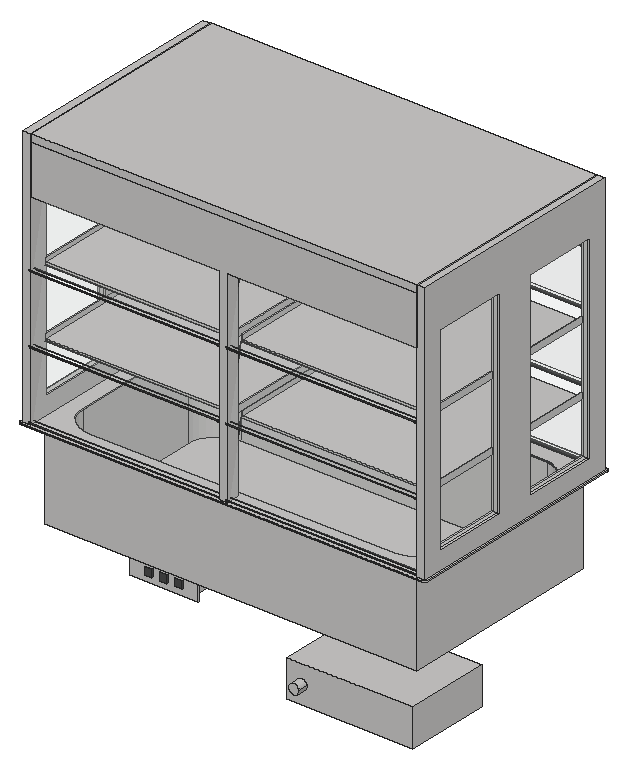
Revit family "QF_ELECTROLUXPROFESSIONAL_341077_D19C3", category Specialty Equipment, Revit 2018
Family settings
  Round Connector Dimension = Use Diameter
  Part Type = Normal
  Work Plane-Based = No
  Always vertical = Yes
  Cut with Voids When Loaded = No
  Shared = No
  Room Calculation Point = No
Parameters (values of type "341077.rfa")
  Weight = 170.00 kg
  Watts = 0 W
  Volts = 0 V
  URL Manufacturer = ""
  URL = ""
  Steam Supply Size = 0 mm
  Steam Supply Minimum Pressure = 0.0 Pa
  Steam Supply Maximum Pressure = 0.0 Pa
  Steam Pounds per Hour = 0
  Show Clearance [instance] = yes
  Remote Electrical Box_Z [instance] = 500.00 mm
  Remote Electrical Box_Y [instance] = 500.00 mm
  Remote Electrical Box_X [instance] = 800.00 mm
  Refrigeration Suction Line Size = 0 mm
  Refrigeration Liquid Line Size = 0 mm
  Refrigerant Compressor Remote = yes
  Manufacturer = ""
  Phase = 0
  Model = ""
  Length Actual = 1100.00 mm  # constant formula
  Item Number = ""
  Hot Water Size = 0 mm
  Height Actual = 1230.00 mm  # constant formula
  HP = "0 HP"
  Gas Size = 0 mm
  Gas KW = 0
  Gas Input Pressure = 0 W
  Direct Waste Size = 25.4 mm
  Description = ""
  Depth Actual = 620.00 mm  # constant formula
  Cycle = 0 Hz
  Controller_Y [instance] = 500.00 mm
  Controller_1Z [instance] = 600.00 mm
  Controller_1X [instance] = 300.00 mm
  Condensate Return Size = 0 mm
  Compressed Air Volume = 0.0 L/s
  Compressed Air Size = 0 mm
  Compressed Air Pressure = 0.0 Pa
  Cold Water Size = 0 mm
  Accessory = yes
Types (2, lengths in mm): name | Volts | URL Manufacturer | URL | Manufacturer | Phase | Model | Item Number | Description | Cycle
  341077.rfa | 0 V | "" | "" | "" | 0 | "" | "" | "" | 0 Hz
  Standard | 220 V | "http://professional.electrolux.com" | "http://professional.electrolux.com" | "Electrolux Professional" | 1 | "D19C3" | "341077" | "DROP-IN REFRIGERATED WELL WITH REFRIGERATED DISPLAY, COMPACT 3GN" | 50 Hz
Reference planes
  plane 1 "Centro (Fronte/Retro)": y = 74.737
  plane 2: z = 0
  plane 3 "BACK": y = 384.737
  plane 4 "FRONT": y = -235.263
  plane 5 "RIGHT": x = 35.731
  plane 6 "LEFT": x = -1064.269
  plane 7: x = -514.269
  plane 8 "TOP": z = 900
  plane 9: y = 354.737
  plane 10: y = -205.263
  plane 11: x = -11.469
  plane 12: x = -1017.069
  plane 13: y = 329.737
  plane 14: y = -180.263
  plane 15: x = -994.269
  plane 16: x = -34.269
  plane 17: z = 898
  plane 18: z = 657
  plane 19: z = 660
  plane 20: x = -354.269
  plane 21: y = 349.537
  plane 22: y = -200.063
  plane 23: x = -923.269
  plane 24: x = -105.269
  plane 25: x = -350.269
  plane 26 "2": y = 250.737
  plane 27: y = -195.263
  plane 28: y = 344.737
  plane 29: y = -115.263
  plane 30: y = -115.263
  plane 31: x = -764.269
  plane 32: x = -264.269
  plane 33: z = 600
  plane 34: z = 500
Forms (mm)
  Extrusion 1, solid, material "QF_Finishes_Stainless Steel"
    sketch origin (0, 0, 900) x (-1, 0, 0) y (0, -1, 0)
      loop
        line (11.469, -354.737) -> (1017.069, -354.737) -> (1017.069, 205.263) -> (11.469, 205.263) -> (11.469, -354.737)
    from -2 to -243
  Extrusion 2, void
    sketch origin (0, 0, 900) x (-1, 0, 0) y (0, -1, 0)
      loop
        line (994.269, -250.387) -> (994.269, 104.913)
        arc (994.269, 104.913) -> (972.199, 158.193) -> (918.919, 180.263) r 75.35
        line (918.919, 180.263) -> (90.269, 180.263)
        arc (90.269, 180.263) -> (50.671, 163.861) -> (34.269, 124.263) r 56
        line (34.269, 124.263) -> (34.269, -273.737)
        arc (34.269, -273.737) -> (50.671, -313.335) -> (90.269, -329.737) r 56
        line (90.269, -329.737) -> (914.919, -329.737)
        arc (914.919, -329.737) -> (971.028, -306.496) -> (994.269, -250.387) r 79.35
    from 0 to -240
  Extrusion 3, solid, material "QF_Finishes_Stainless Steel"
    sketch origin (0, 0, 900) x (-1, 0, 0) y (0, -1, 0)
      loop
        arc (1054.269, -384.737) -> (1061.34, -381.808) -> (1064.269, -374.737) r 10
        line (1064.269, -374.737) -> (1064.269, 225.263)
        arc (1064.269, 225.263) -> (1061.34, 232.334) -> (1054.269, 235.263) r 10
        line (1054.269, 235.263) -> (-25.731, 235.263)
        arc (-25.731, 235.263) -> (-32.802, 232.334) -> (-35.731, 225.263) r 10
        line (-35.731, 225.263) -> (-35.731, -374.737)
        arc (-35.731, -374.737) -> (-32.802, -381.808) -> (-25.731, -384.737) r 10
        line (-25.731, -384.737) -> (1054.269, -384.737)
      loop
        arc (918.919, -329.737) -> (972.199, -307.668) -> (994.269, -254.387) r 75.35
        line (994.269, -254.387) -> (994.269, 104.913)
        arc (994.269, 104.913) -> (972.199, 158.193) -> (918.919, 180.263) r 75.35
        line (918.919, 180.263) -> (90.269, 180.263)
        arc (90.269, 180.263) -> (50.671, 163.861) -> (34.269, 124.263) r 56
        line (34.269, 124.263) -> (34.269, -273.737)
        arc (34.269, -273.737) -> (50.671, -313.335) -> (90.269, -329.737) r 56
        line (90.269, -329.737) -> (918.919, -329.737)
    from 0 to -2
  Extrusion 4, solid, material "QF_Finishes_Stainless Steel"
    sketch origin (396.731, 362.737, 0) x (0, -1, 0) y (0, 0, -1)
      loop
        line (591.5, -1605) -> (591.5, -900) -> (-15.5, -900) -> (-15.5, -1605) -> (591.5, -1605)
      loop
        line (541.5, -1482.5) -> (541.5, -948) -> (338, -948) -> (338, -1482.5) -> (541.5, -1482.5)
      loop
        line (34.5, -948) -> (34.5, -1482.5) -> (238, -1482.5) -> (238, -948) -> (34.5, -948)
    from -389.5 to -369.5
  Extrusion 5, solid, material "QF_Finishes_Stainless Steel"
    sketch origin (-1425.269, 362.737, 0) x (0, -1, 0) y (0, 0, 1)
      loop
        line (591.5, 1605) -> (-15.5, 1605) -> (-15.5, 900) -> (591.5, 900) -> (591.5, 1605)
      loop
        line (541.5, 1482.5) -> (338, 1482.5) -> (338, 948) -> (541.5, 948) -> (541.5, 1482.5)
      loop
        line (34.5, 948) -> (238, 948) -> (238, 1482.5) -> (34.5, 1482.5) -> (34.5, 948)
    from -389.5 to -369.5
  Extrusion 6, solid, material "QF_Finishes_Stainless Steel"
    sketch origin (396.731, -231.263, 456) x (0, 0, 1) y (-1, 0, 0)
      loop
        line (1129.617, 1432.5) -> (996.5, 1432.5) -> (996.5, 389.5) -> (1129.617, 389.5) -> (1129.617, 1432.5)
    from -2.5 to -26
  Extrusion 7, solid, material "QF_Finishes_Stainless Steel"
    sketch origin (396.731, 380.737, 456) x (0, 0, 1) y (1, 0, 0)
      loop
        line (1129.617, -1432.5) -> (1129.617, -389.5) -> (996.5, -389.5) -> (996.5, -1432.5) -> (1129.617, -1432.5)
    from -2.5 to -26
  Extrusion 8, solid, material "QF_Finishes_Stainless Steel"
    sketch origin (396.731, -228.763, 1605) x (0, 1, 0) y (-1, 0, 0)
      loop
        line (0, 389.5) -> (607, 389.5) -> (607, 1432.5) -> (0, 1432.5) -> (0, 389.5)
    from 0 to -19.383
  Extrusion 9, solid, material "QF_Finishes_Stainless Steel"
    sketch origin (396.731, -231.263, 456) x (0, 0, 1) y (-1, 0, 0)
      loop
        line (812.34, 1432.5) -> (792.34, 1432.5) -> (792.34, 389.5) -> (812.34, 389.5) -> (812.34, 1432.5)
    from -326 to -286
  Extrusion 10, solid, material "QF_Finishes_Stainless Steel"
    sketch origin (396.731, -231.263, 271.84) x (0, 0, 1) y (-1, 0, 0)
      loop
        line (812.34, 1432.5) -> (792.34, 1432.5) -> (792.34, 389.5) -> (812.34, 389.5) -> (812.34, 1432.5)
    from -326 to -286
  Extrusion 11, solid, material "QF_Finishes_Glass"
    sketch origin (27.231, 362.737, 0) x (0, -1, 0) y (0, 0, -1)
      loop
        line (598, -907.281) -> (593, -902.281)
        arc (593, -902.281) -> (585.39, -900.348) -> (580.06, -906.114) r 7.678
        line (580.06, -906.114) -> (542.211, -1084.18) -> (545.278, -1084.18) -> (582.994, -906.737)
        arc (582.994, -906.737) -> (586.242, -903.224) -> (590.878, -904.402) r 4.678
        line (590.878, -904.402) -> (595.879, -909.402) -> (598, -907.281)
    from -531.5 to -20
  Extrusion 12, solid, material "QF_Finishes_Glass"
    sketch origin (27.231, 362.737, 184.148) x (0, -1, 0) y (0, 0, -1)
      loop
        line (598, -907.281) -> (593, -902.281)
        arc (593, -902.281) -> (585.39, -900.348) -> (580.06, -906.114) r 7.678
        line (580.06, -906.114) -> (542.211, -1084.18) -> (545.278, -1084.18) -> (582.994, -906.737)
        arc (582.994, -906.737) -> (586.242, -903.224) -> (590.878, -904.402) r 4.678
        line (590.878, -904.402) -> (595.879, -909.402) -> (598, -907.281)
    from -531.5 to -20
  Extrusion 13, solid, material "QF_Finishes_Glass"
    sketch origin (27.231, 362.737, 368.308) x (0, -1, 0) y (0, 0, -1)
      loop
        line (598, -907.281) -> (593, -902.281)
        arc (593, -902.281) -> (585.39, -900.348) -> (580.06, -906.114) r 7.678
        line (580.06, -906.114) -> (542.211, -1084.18) -> (545.278, -1084.18) -> (582.994, -906.737)
        arc (582.994, -906.737) -> (586.242, -903.224) -> (590.878, -904.402) r 4.678
        line (590.878, -904.402) -> (595.879, -909.402) -> (598, -907.281)
    from -531.5 to -20
  Extrusion 14, solid, material "QF_Finishes_Glass"
    sketch origin (27.231, -213.263, 0) x (0, 1, 0) y (0, 0, 1)
      loop
        line (598, 907.281) -> (595.879, 909.402) -> (590.878, 904.402)
        arc (590.878, 904.402) -> (586.242, 903.224) -> (582.994, 906.737) r 4.678
        line (582.994, 906.737) -> (545.278, 1084.18) -> (542.211, 1084.18) -> (580.06, 906.114)
        arc (580.06, 906.114) -> (585.39, 900.348) -> (593, 902.281) r 7.678
        line (593, 902.281) -> (598, 907.281)
    from -531.5 to -20
  Extrusion 15, solid, material "QF_Finishes_Glass"
    sketch origin (27.231, -213.263, 184.148) x (0, 1, 0) y (0, 0, 1)
      loop
        line (598, 907.281) -> (595.879, 909.402) -> (590.878, 904.402)
        arc (590.878, 904.402) -> (586.242, 903.224) -> (582.994, 906.737) r 4.678
        line (582.994, 906.737) -> (545.278, 1084.18) -> (542.211, 1084.18) -> (580.06, 906.114)
        arc (580.06, 906.114) -> (585.39, 900.348) -> (593, 902.281) r 7.678
        line (593, 902.281) -> (598, 907.281)
    from -531.5 to -20
  Extrusion 16, solid, material "QF_Finishes_Glass"
    sketch origin (27.231, -213.263, 368.308) x (0, 1, 0) y (0, 0, 1)
      loop
        line (598, 909.781) -> (595.879, 911.902) -> (590.878, 906.902)
        arc (590.878, 906.902) -> (586.242, 905.724) -> (582.994, 909.237) r 4.678
        line (582.994, 909.237) -> (545.278, 1084.18) -> (542.211, 1084.18) -> (580.06, 908.614)
        arc (580.06, 908.614) -> (585.39, 902.848) -> (593, 904.781) r 7.678
        line (593, 904.781) -> (598, 909.781)
    from -531.5 to -20
  Extrusion 17, solid, material "QF_Finishes_Stainless Steel"
    sketch origin (0, -6.5, 900) x (-1, 0, 0) y (0, -1, 0)
      loop
        line (524.269, -384.737) -> (524.269, -349.537) -> (504.269, -349.537) -> (504.269, -384.737) -> (524.269, -384.737)
    from 0 to 683.117
  Extrusion 18, solid, material "QF_Finishes_Glass"
    sketch origin (-1055.769, 362.737, 0) x (0, -1, 0) y (0, 0, 1)
      loop
        line (598, 907.281) -> (595.879, 909.402) -> (590.878, 904.402)
        arc (590.878, 904.402) -> (586.242, 903.224) -> (582.994, 906.737) r 4.678
        line (582.994, 906.737) -> (545.278, 1084.18) -> (542.211, 1084.18) -> (580.06, 906.114)
        arc (580.06, 906.114) -> (585.39, 900.348) -> (593, 902.281) r 7.678
        line (593, 902.281) -> (598, 907.281)
    from -531.5 to -20
  Extrusion 19, solid, material "QF_Finishes_Glass"
    sketch origin (-1055.769, 362.737, 184.148) x (0, -1, 0) y (0, 0, 1)
      loop
        line (598, 907.281) -> (595.879, 909.402) -> (590.878, 904.402)
        arc (590.878, 904.402) -> (586.242, 903.224) -> (582.994, 906.737) r 4.678
        line (582.994, 906.737) -> (545.278, 1084.18) -> (542.211, 1084.18) -> (580.06, 906.114)
        arc (580.06, 906.114) -> (585.39, 900.348) -> (593, 902.281) r 7.678
        line (593, 902.281) -> (598, 907.281)
    from -531.5 to -20
  Extrusion 20, solid, material "QF_Finishes_Glass"
    sketch origin (-1055.769, 362.737, 368.308) x (0, -1, 0) y (0, 0, 1)
      loop
        line (598, 907.281) -> (595.879, 909.402) -> (590.878, 904.402)
        arc (590.878, 904.402) -> (586.242, 903.224) -> (582.994, 906.737) r 4.678
        line (582.994, 906.737) -> (545.278, 1084.18) -> (542.211, 1084.18) -> (580.06, 906.114)
        arc (580.06, 906.114) -> (585.39, 900.348) -> (593, 902.281) r 7.678
        line (593, 902.281) -> (598, 907.281)
    from -531.5 to -20
  Extrusion 21, solid, material "QF_Finishes_Glass"
    sketch origin (-1055.769, -213.263, 0) x (0, 1, 0) y (0, 0, -1)
      loop
        line (598, -907.281) -> (593, -902.281)
        arc (593, -902.281) -> (585.39, -900.348) -> (580.06, -906.114) r 7.678
        line (580.06, -906.114) -> (542.211, -1084.18) -> (545.278, -1084.18) -> (582.994, -906.737)
        arc (582.994, -906.737) -> (586.242, -903.224) -> (590.878, -904.402) r 4.678
        line (590.878, -904.402) -> (595.879, -909.402) -> (598, -907.281)
    from -541.5 to -20
  Extrusion 22, solid, material "QF_Finishes_Glass"
    sketch origin (-1055.769, -213.263, 184.148) x (0, 1, 0) y (0, 0, -1)
      loop
        line (598, -907.281) -> (593, -902.281)
        arc (593, -902.281) -> (585.39, -900.348) -> (580.06, -906.114) r 7.678
        line (580.06, -906.114) -> (542.211, -1084.18) -> (545.278, -1084.18) -> (582.994, -906.737)
        arc (582.994, -906.737) -> (586.242, -903.224) -> (590.878, -904.402) r 4.678
        line (590.878, -904.402) -> (595.879, -909.402) -> (598, -907.281)
    from -531.5 to -20
  Extrusion 23, solid, material "QF_Finishes_Glass"
    sketch origin (-1055.769, -213.263, 368.308) x (0, 1, 0) y (0, 0, -1)
      loop
        line (598, -907.281) -> (593, -902.281)
        arc (593, -902.281) -> (585.39, -900.348) -> (580.06, -906.114) r 7.678
        line (580.06, -906.114) -> (542.211, -1084.18) -> (545.278, -1084.18) -> (582.994, -906.737)
        arc (582.994, -906.737) -> (586.242, -903.224) -> (590.878, -904.402) r 4.678
        line (590.878, -904.402) -> (595.879, -909.402) -> (598, -907.281)
    from -531.5 to -20
  Extrusion 24, solid, material "QF_Finishes_Stainless Steel"
    sketch origin (0, 155.974, 900) x (-1, 0, 0) y (0, -1, 0)
      loop
        line (524.269, 384.737) -> (504.269, 384.737) -> (504.269, 349.537) -> (524.269, 349.537) -> (524.269, 384.737)
    from 0 to 683.117
  Extrusion 25, solid, material "QF_Finishes_Stainless Steel"
    sketch origin (70, -14, 656.4) x (0, -1, 0) y (-1, 0, 0)
      loop
        circle (-264.737, 420.269) r 18
    from -0.6 to 12
  Extrusion 26, solid, material "QF_Finishes_Glass"
    sketch origin (-1050.769, 362.737, 0) x (0, -1, 0) y (0, 0, 1)
      loop
        line (541.5, 1482.5) -> (338, 1482.5) -> (338, 948) -> (541.5, 948) -> (541.5, 1482.5)
      loop
        line (238, 1482.5) -> (34.5, 1482.5) -> (34.5, 948) -> (238, 948) -> (238, 1482.5)
    from 0 to -10
  Extrusion 27, solid, material "QF_Finishes_Glass"
    sketch origin (22.231, 362.737, 0) x (0, -1, 0) y (0, 0, -1)
      loop
        line (541.5, -1482.5) -> (541.5, -948) -> (338, -948) -> (338, -1482.5) -> (541.5, -1482.5)
      loop
        line (238, -1482.5) -> (238, -948) -> (34.5, -948) -> (34.5, -1482.5) -> (238, -1482.5)
    from 0 to -10
  Extrusion 28, solid, material "QF_Finishes_Stainless Steel"
    sketch origin (-1386.256, -231.263, 456) x (0, 0, 1) y (-1, 0, 0)
      loop
        line (812.34, -350.488) -> (812.34, -861.988) -> (829.184, -861.988) -> (829.184, -859.5) -> (817.34, -859.5) -> (817.34, -352.981) -> (829.172, -352.981) -> (829.172, -350.488) -> (812.34, -350.488)
    from -561 to -51
  Extrusion 29, solid, material "QF_Finishes_Stainless Steel"
    sketch origin (-1386.256, -231.263, 271.852) x (0, 0, 1) y (-1, 0, 0)
      loop
        line (812.34, -350.488) -> (812.34, -861.988) -> (829.184, -861.988) -> (829.184, -859.5) -> (817.34, -859.5) -> (817.34, -352.981) -> (829.172, -352.981) -> (829.172, -350.488) -> (812.34, -350.488)
    from -561 to -51
  Extrusion 30, solid, material "QF_Finishes_Stainless Steel"
    sketch origin (357.719, -231.263, 456) x (0, 0, 1) y (-1, 0, 0)
      loop
        line (812.34, 350.488) -> (829.172, 350.488) -> (829.172, 352.981) -> (817.34, 352.981) -> (817.34, 859.5) -> (829.184, 859.5) -> (829.184, 861.988) -> (812.34, 861.988) -> (812.34, 350.488)
    from -561 to -51
  Extrusion 31, solid, material "QF_Finishes_Stainless Steel"
    sketch origin (357.719, -231.263, 271.852) x (0, 0, 1) y (-1, 0, 0)
      loop
        line (812.34, 350.488) -> (829.172, 350.488) -> (829.172, 352.981) -> (817.34, 352.981) -> (817.34, 859.5) -> (829.184, 859.5) -> (829.184, 861.988) -> (812.34, 861.988) -> (812.34, 350.488)
    from -561 to -51
Cuts and joins
  Extrusion 2 cuts Extrusion 1
  joined: Extrusion 6, Extrusion 24
  joined: Extrusion 7, Extrusion 17
Lines and regions (mm)
  symbolic lines
    curve 1: line (25.731, 384.737, 900) -> (-1054.269, 384.737, 900)
    curve 2: arc (-1054.269, 384.737, 900) -> (-1061.34, 381.808, 900) -> (-1064.269, 374.737, 900) r 10
    curve 3: line (-1064.269, 374.737, 900) -> (-1064.269, -225.263, 900)
    curve 4: arc (-1064.269, -225.263, 900) -> (-1061.34, -232.334, 900) -> (-1054.269, -235.263, 900) r 10
    curve 5: line (-1054.269, -235.263, 900) -> (25.731, -235.263, 900)
    curve 6: arc (25.731, -235.263, 900) -> (32.802, -232.334, 900) -> (35.731, -225.263, 900) r 10
    curve 7: line (35.731, -225.263, 900) -> (35.731, 374.737, 900)
    curve 8: arc (35.731, 374.737, 900) -> (32.802, 381.808, 900) -> (25.731, 384.737, 900) r 10
    curve 9: line (-1055.769, 378.237, 900) -> (-1035.769, 378.237, 900)
    curve 10: line (-1055.769, -228.763, 900) -> (-1055.769, 378.237, 900)
    curve 11: line (-1035.769, -228.763, 900) -> (-1055.769, -228.763, 900)
    curve 12: line (-1035.769, 378.237, 900) -> (-1035.769, -228.763, 900)
    curve 13: line (-1035.769, -228.763, 900) -> (27.231, -228.763, 900)
    curve 14: line (7.231, -228.763, 900) -> (7.231, 378.237, 900)
    curve 15: line (-1035.769, 378.237, 900) -> (27.231, 378.237, 900)
    curve 16: line (27.231, 378.237, 900) -> (27.231, -228.763, 900)
    curve 17: line (-1035.769, 378.237, 900) -> (-1035.769, 384.737, 900)
    curve 18: line (-1035.769, 382.616, 900) -> (-524.269, 382.616, 900)
    curve 19: line (-524.269, 384.737, 900) -> (-524.269, 378.237, 900)
    curve 20: line (-504.269, 378.237, 900) -> (-504.269, 384.737, 900)
    curve 21: line (-504.269, 382.616, 900) -> (7.231, 382.616, 900)
    curve 22: line (7.231, 384.737, 900) -> (7.231, 378.237, 900)
    curve 23: line (-1035.769, -228.763, 900) -> (-1035.769, -235.263, 900)
    curve 24: line (-1035.769, -233.142, 900) -> (-524.269, -233.142, 900)
    curve 25: line (-524.269, -235.263, 900) -> (-524.269, -228.763, 900)
    curve 26: line (-504.269, -228.763, 900) -> (-504.269, -235.263, 900)
    curve 27: line (-504.269, -233.142, 900) -> (7.231, -233.142, 900)
    curve 28: line (7.231, -235.263, 900) -> (7.231, -228.763, 900)
  symbolic lines, style "SpecialityEquipmentHiddenLines"
    curve 29: line (7.231, 328.237, 900) -> (27.231, 328.237, 900)
    curve 30: line (22.231, -178.763, 900) -> (22.231, 24.737, 900)
    curve 31: line (12.231, 24.737, 900) -> (12.231, -178.763, 900)
    curve 32: line (27.231, 124.737, 900) -> (7.231, 124.737, 900)
    curve 33: line (7.231, 24.737, 900) -> (27.231, 24.737, 900)
    curve 34: line (22.231, 124.737, 900) -> (22.231, 328.237, 900)
    curve 35: line (12.231, 328.237, 900) -> (12.231, 124.737, 900)
    curve 36: line (7.231, -178.763, 0) -> (27.231, -178.763, 0)
    curve 37: line (-1035.769, 328.237, 900) -> (-1055.769, 328.237, 900)
    curve 38: line (-1050.769, -178.763, 900) -> (-1050.769, 24.737, 900)
    curve 39: line (-1040.769, 24.737, 900) -> (-1040.769, -178.763, 900)
    curve 40: line (-1055.769, 124.737, 900) -> (-1035.769, 124.737, 900)
    curve 41: line (-1035.769, 24.737, 900) -> (-1055.769, 24.737, 900)
    curve 42: line (-1050.769, 124.737, 900) -> (-1050.769, 328.237, 900)
    curve 43: line (-1040.769, 328.237, 900) -> (-1040.769, 124.737, 900)
    curve 44: line (-1035.769, -178.763, 0) -> (-1055.769, -178.763, 0)
    curve 45: line (-1035.769, -182.541, 900) -> (-524.269, -182.541, 900)
    curve 46: line (-1035.769, -179.474, 900) -> (-524.269, -179.474, 900)
    curve 47: line (7.231, 332.015, 900) -> (-504.269, 332.015, 900)
    curve 48: line (7.231, 328.948, 900) -> (-504.269, 328.948, 900)
    curve 49: line (-11.469, -205.263, 900) -> (-11.469, 354.737, 900)
    curve 50: line (-1017.069, -205.263, 900) -> (-11.469, -205.263, 900)
    curve 51: line (-1017.069, 354.737, 900) -> (-1017.069, -205.263, 900)
    curve 52: line (-11.469, 354.737, 900) -> (-1017.069, 354.737, 900)
    curve 53: line (-524.269, -193.563, 900) -> (-524.269, -228.763, 900)
    curve 54: line (-524.269, -228.763, 900) -> (-504.269, -228.763, 900)
    curve 55: line (-504.269, -228.763, 900) -> (-504.269, -193.563, 900)
    curve 56: line (-504.269, -193.563, 900) -> (-524.269, -193.563, 900)
    curve 57: line (-504.269, 343.037, 900) -> (-504.269, 378.237, 900)
    curve 58: line (-524.269, 343.037, 900) -> (-504.269, 343.037, 900)
    curve 59: line (-524.269, 378.237, 900) -> (-524.269, 343.037, 900)
    curve 60: line (-504.269, 378.237, 900) -> (-524.269, 378.237, 900)
    curve 61: line (-524.269, -179.474, 900) -> (-524.269, 328.948, 900)
    curve 62: line (-504.269, 328.948, 900) -> (-504.269, -179.474, 900)
    curve 63: line (-504.269, 332.015, 0) -> (-504.269, 343.037, 0)
    curve 64: line (-1035.769, 332.015, 900) -> (-524.269, 332.015, 900)
    curve 65: line (-1035.769, 328.948, 900) -> (-524.269, 328.948, 900)
    curve 66: line (-524.269, 332.015, 0) -> (-524.269, 343.037, 0)
    curve 67: line (-524.269, -182.541, 0) -> (-524.269, -193.563, 0)
    curve 68: line (7.231, -182.541, 900) -> (-504.269, -182.541, 900)
    curve 69: line (7.231, -179.474, 900) -> (-504.269, -179.474, 900)
    curve 70: line (-504.269, -182.541, 0) -> (-504.269, -193.563, 0)
Dimensions and locks
  plane 6 "LEFT" to plane 5 "RIGHT" = 1100.00 mm
  equal spacing: plane 3 "BACK", plane 1 "Centro (Fronte/Retro)", plane 4 "FRONT"
  plane 3 "BACK" to plane 4 "FRONT" = 620.00 mm
  equal spacing: plane 6 "LEFT", plane 7, plane 5 "RIGHT"
  locked: plane 8 "TOP" to plane 2 at 900
  plane 6 "LEFT" to plane 12 = 47.20 mm
  plane 11 to plane 5 "RIGHT" = 47.20 mm
  locked: plane 3 "BACK" to plane 9 at 30
  locked: plane 10 to plane 4 "FRONT" at 30
  locked: plane 3 "BACK" to plane 13 at 55
  locked: plane 14 to plane 4 "FRONT" at 55
  locked: plane 6 "LEFT" to plane 15 at 70
  locked: plane 16 to plane 5 "RIGHT" at 70
  locked: plane 8 "TOP" to plane 17 at 2
  plane 8 "TOP" to plane 18 = 243.00 mm
  locked: plane 19 to plane 18 at 3
  plane 24 to plane 23 = 818.00 mm
  plane 25 to plane 5 "RIGHT" = 386.00 mm
  plane 3 "BACK" to plane 26 "2" = 134.00 mm
  plane 23 to plane 6 "LEFT" = 141.00 mm
  Extrusion 8 to plane 8 "TOP" = 705.00 mm
  equal spacing: plane 27, plane 1 "Centro (Fronte/Retro)", plane 28
  plane 27 to plane 28 = 540.00 mm
  "Controller_Y": plane 3 "BACK" to plane 29
  "Remote Electrical Box_Y": plane 3 "BACK" to plane 30
  "Controller_1X": plane 6 "LEFT" to plane 31
  "Remote Electrical Box_X": plane 6 "LEFT" to plane 32
  "Controller_1Z": plane 33 to plane 2
  "Remote Electrical Box_Z": plane 34 to plane 2
  aligned and locked: level to plane 2
  aligned and locked: Extrusion 1 sketch curve to plane 9
  aligned and locked: plane 11 to Extrusion 1 sketch curve
  aligned and locked: Extrusion 1 sketch curve to plane 10
  aligned and locked: Extrusion 1 sketch curve to plane 12
  aligned and locked: Extrusion 1 to plane 18
  aligned and locked: Extrusion 2 to plane 19
  aligned and locked: plane 6 "LEFT" to Extrusion 3 sketch curve
  aligned and locked: Extrusion 3 sketch curve to plane 3 "BACK"
  aligned and locked: Extrusion 3 sketch curve to plane 5 "RIGHT"
  aligned and locked: plane 4 "FRONT" to Extrusion 3 sketch curve
  aligned and locked: Extrusion 3 sketch curve to plane 16
  aligned and locked: Extrusion 3 sketch curve to plane 13
  aligned and locked: plane 15 to Extrusion 3 sketch curve
  aligned and locked: Extrusion 3 sketch curve to plane 14
  aligned and locked: Extrusion 3 to plane 17
  aligned and locked: Extrusion 10 to Extrusion 5
  aligned and locked: Extrusion 6 to Extrusion 8
  aligned and locked: Extrusion 7 to Extrusion 8
  aligned and locked: nested 2 to plane 31
  aligned and locked: nested 3 to plane 32
  aligned and locked: plane 30 to nested 3
  aligned and locked: nested 2 to plane 29
  aligned and locked: plane 34 to nested 3
  aligned and locked: nested 2 to plane 33
Automatic sketch dimensions
  plane 14 to curve 44 = 1.50 mm
  plane 6 "LEFT" to curve 44 = 8.50 mm
  curve 44 to plane 12 = 18.70 mm
  curve 67 to plane 14 = 2.278 mm
  curve 67 to plane 7 = 10.00 mm
  plane 13 to curve 66 = 2.278 mm
  curve 66 to plane 7 = 10.00 mm
  plane 13 to curve 63 = 2.278 mm
  plane 7 to curve 63 = 10.00 mm
  curve 70 to plane 14 = 2.278 mm
  plane 7 to curve 70 = 10.00 mm
  plane 14 to curve 36 = 1.50 mm
  plane 11 to curve 36 = 18.70 mm
  curve 36 to plane 5 "RIGHT" = 8.50 mm
  plane 27 to curve 70 = 1.70 mm
  plane 27 to curve 67 = 1.70 mm
  curve 63 to plane 28 = 1.70 mm
  curve 66 to plane 28 = 1.70 mm
  Extrusion 2 sketch curve to plane 16 = 0.00 mm
  Extrusion 2 sketch curve to plane 13 = 0.00 mm
  plane 14 to Extrusion 2 sketch curve = 0.00 mm
  Extrusion 2 sketch curve to plane 15 = 0.00 mm
  plane 24 to Extrusion 2 sketch curve = 15.00 mm  (x2)
  Extrusion 2 sketch curve to plane 26 "2" = 0.35 mm
  plane 23 to Extrusion 2 sketch curve = 4.35 mm
  curve 8 to plane 5 "RIGHT" = 0.00 mm
  curve 1 to plane 3 "BACK" = 0.00 mm
  curve 6 to plane 4 "FRONT" = 0.00 mm
  curve 3 to plane 6 "LEFT" = 0.00 mm
  curve 8 to curve 8 = 10.00 mm
  curve 7 to curve 6 = 10.00 mm
  plane 6 "LEFT" to curve 1 = 10.00 mm
  curve 4 to curve 3 = 10.00 mm
  Extrusion 3 sketch curve to plane 5 "RIGHT" = 10.00 mm
  Extrusion 3 sketch curve to plane 3 "BACK" = 10.00 mm  (x2)
  plane 24 to Extrusion 3 sketch curve = 15.00 mm  (x2)
  plane 23 to Extrusion 3 sketch curve = 4.35 mm  (x2)
  plane 6 "LEFT" to Extrusion 3 sketch curve = 10.00 mm
  Extrusion 4 sketch curve to plane 8 "TOP" = 0.00 mm
  Extrusion 4 sketch curve to plane 3 "BACK" = 6.50 mm
  Extrusion 4 sketch curve to plane 13 = 1.50 mm
  Extrusion 4 sketch curve to plane 1 "Centro (Fronte/Retro)" = 50.00 mm
  plane 1 "Centro (Fronte/Retro)" to Extrusion 4 sketch curve = 50.00 mm
  plane 14 to Extrusion 4 sketch curve = 1.50 mm
  plane 4 "FRONT" to Extrusion 4 sketch curve = 6.50 mm
  plane 8 "TOP" to Extrusion 4 sketch curve = 48.00 mm  (x2)
  Extrusion 4 sketch curve to Extrusion 4 sketch curve = 534.50 mm
  Extrusion 4 sketch curve to Extrusion 4 sketch curve = 0.00 mm
  Extrusion 4 sketch curve to Extrusion 4 sketch curve = 122.50 mm
  Extrusion 5 sketch curve to plane 8 "TOP" = 0.00 mm
  Extrusion 5 sketch curve to plane 3 "BACK" = 6.50 mm
  Extrusion 5 sketch curve to plane 13 = 1.50 mm
  Extrusion 5 sketch curve to plane 1 "Centro (Fronte/Retro)" = 50.00 mm
  plane 1 "Centro (Fronte/Retro)" to Extrusion 5 sketch curve = 50.00 mm
  plane 14 to Extrusion 5 sketch curve = 1.50 mm
  plane 4 "FRONT" to Extrusion 5 sketch curve = 6.50 mm
  plane 8 "TOP" to Extrusion 5 sketch curve = 48.00 mm  (x2)
  Extrusion 5 sketch curve to Extrusion 5 sketch curve = 534.50 mm
  Extrusion 5 sketch curve to Extrusion 5 sketch curve = 0.00 mm
  Extrusion 5 sketch curve to Extrusion 5 sketch curve = 122.50 mm
  Extrusion 6 sketch curve to plane 12 = 18.70 mm
  plane 8 "TOP" to Extrusion 6 sketch curve = 552.50 mm
  Extrusion 6 sketch curve to Extrusion 6 sketch curve = 133.117 mm
  plane 11 to Extrusion 6 sketch curve = 18.70 mm
  Extrusion 7 sketch curve to plane 12 = 18.70 mm
  plane 8 "TOP" to Extrusion 7 sketch curve = 552.50 mm
  Extrusion 7 sketch curve to Extrusion 7 sketch curve = 133.117 mm
  plane 11 to Extrusion 7 sketch curve = 18.70 mm
  plane 4 "FRONT" to Extrusion 8 sketch curve = 6.50 mm
  Extrusion 8 sketch curve to plane 3 "BACK" = 6.50 mm
  plane 11 to Extrusion 8 sketch curve = 18.70 mm
  Extrusion 8 sketch curve to plane 12 = 18.70 mm
  Extrusion 9 sketch curve to plane 12 = 18.70 mm
  plane 8 "TOP" to Extrusion 9 sketch curve = 348.34 mm
  Extrusion 9 sketch curve to Extrusion 9 sketch curve = 20.00 mm
  plane 11 to Extrusion 9 sketch curve = 18.70 mm
  Extrusion 10 sketch curve to plane 12 = 18.70 mm
  plane 8 "TOP" to Extrusion 10 sketch curve = 164.18 mm
  Extrusion 10 sketch curve to Extrusion 10 sketch curve = 20.00 mm
  plane 11 to Extrusion 10 sketch curve = 18.70 mm
  Extrusion 11 sketch curve to Extrusion 11 sketch curve = 0.00 mm  (x2)
  Extrusion 11 sketch curve to Extrusion 4 = 0.711 mm
  Extrusion 11 sketch curve to Extrusion 11 sketch curve = 3.067 mm
  Extrusion 11 sketch curve to Extrusion 4 = 6.114 mm
  Extrusion 11 sketch curve to Extrusion 4 = 11.44 mm
  Extrusion 11 sketch curve to Extrusion 11 sketch curve = 2.934 mm
  Extrusion 11 sketch curve to Extrusion 4 = 3.93 mm
  Extrusion 11 sketch curve to Extrusion 4 = 0.622 mm
  Extrusion 4 to Extrusion 11 sketch curve = 1.50 mm
  Extrusion 4 to Extrusion 11 sketch curve = 4.379 mm
  Extrusion 11 sketch curve to Extrusion 11 sketch curve = 2.121 mm
  Extrusion 11 sketch curve to Extrusion 11 sketch curve = 0.624 mm
  Extrusion 11 sketch curve to Extrusion 4 = 7.281 mm
  Extrusion 4 to Extrusion 11 sketch curve = 136.18 mm
  Extrusion 12 sketch curve to Extrusion 12 sketch curve = 0.00 mm  (x2)
  Extrusion 12 sketch curve to Extrusion 4 = 0.711 mm
  Extrusion 12 sketch curve to Extrusion 12 sketch curve = 3.067 mm
  Extrusion 12 sketch curve to Extrusion 4 = 11.44 mm
  Extrusion 12 sketch curve to Extrusion 12 sketch curve = 2.934 mm
  Extrusion 12 sketch curve to Extrusion 4 = 3.93 mm
  Extrusion 12 sketch curve to Extrusion 4 = 0.622 mm
  Extrusion 4 to Extrusion 12 sketch curve = 1.50 mm
  Extrusion 4 to Extrusion 12 sketch curve = 4.379 mm
  Extrusion 12 sketch curve to Extrusion 12 sketch curve = 2.121 mm  (x2)
  Extrusion 4 to Extrusion 12 sketch curve = 214.172 mm
  Extrusion 12 sketch curve to Extrusion 12 sketch curve = 174.778 mm
  Extrusion 12 sketch curve to Extrusion 12 sketch curve = 1.692 mm
  Extrusion 13 sketch curve to Extrusion 13 sketch curve = 0.00 mm  (x2)
  Extrusion 13 sketch curve to Extrusion 4 = 0.711 mm
  Extrusion 13 sketch curve to Extrusion 13 sketch curve = 3.067 mm
  Extrusion 13 sketch curve to Extrusion 4 = 11.44 mm
  Extrusion 13 sketch curve to Extrusion 13 sketch curve = 2.934 mm
  Extrusion 13 sketch curve to Extrusion 4 = 3.93 mm
  Extrusion 13 sketch curve to Extrusion 4 = 0.622 mm
  Extrusion 4 to Extrusion 13 sketch curve = 1.50 mm
  Extrusion 4 to Extrusion 13 sketch curve = 4.379 mm
  Extrusion 13 sketch curve to Extrusion 13 sketch curve = 2.121 mm  (x2)
  Extrusion 4 to Extrusion 13 sketch curve = 30.012 mm
  Extrusion 13 sketch curve to Extrusion 13 sketch curve = 174.778 mm
  Extrusion 13 sketch curve to Extrusion 13 sketch curve = 1.692 mm
  Extrusion 14 sketch curve to Extrusion 14 sketch curve = 0.00 mm  (x2)
  Extrusion 14 sketch curve to Extrusion 4 = 0.711 mm
  Extrusion 14 sketch curve to Extrusion 14 sketch curve = 3.067 mm
  Extrusion 14 sketch curve to Extrusion 4 = 6.114 mm
  Extrusion 14 sketch curve to Extrusion 4 = 11.44 mm
  Extrusion 14 sketch curve to Extrusion 14 sketch curve = 2.934 mm
  Extrusion 14 sketch curve to Extrusion 4 = 3.93 mm
  Extrusion 14 sketch curve to Extrusion 4 = 0.622 mm
  Extrusion 4 to Extrusion 14 sketch curve = 1.50 mm
  Extrusion 4 to Extrusion 14 sketch curve = 4.379 mm
  Extrusion 14 sketch curve to Extrusion 14 sketch curve = 2.121 mm
  Extrusion 14 sketch curve to Extrusion 4 = 4.402 mm
  Extrusion 14 sketch curve to Extrusion 4 = 2.281 mm
  Extrusion 4 to Extrusion 14 sketch curve = 136.18 mm
  Extrusion 15 sketch curve to Extrusion 15 sketch curve = 0.00 mm  (x2)
  Extrusion 15 sketch curve to Extrusion 4 = 0.711 mm
  Extrusion 15 sketch curve to Extrusion 15 sketch curve = 3.067 mm
  Extrusion 15 sketch curve to Extrusion 4 = 11.44 mm
  Extrusion 15 sketch curve to Extrusion 15 sketch curve = 2.934 mm
  Extrusion 15 sketch curve to Extrusion 4 = 3.93 mm
  Extrusion 15 sketch curve to Extrusion 4 = 0.622 mm
  Extrusion 4 to Extrusion 15 sketch curve = 1.50 mm
  Extrusion 4 to Extrusion 15 sketch curve = 4.379 mm
  Extrusion 15 sketch curve to Extrusion 15 sketch curve = 2.121 mm  (x2)
  Extrusion 15 sketch curve to Extrusion 4 = 186.429 mm
  Extrusion 15 sketch curve to Extrusion 15 sketch curve = 1.712 mm
  Extrusion 15 sketch curve to Extrusion 15 sketch curve = 177.443 mm
  Extrusion 16 sketch curve to Extrusion 16 sketch curve = 0.00 mm  (x2)
  Extrusion 16 sketch curve to Extrusion 4 = 0.711 mm
  Extrusion 16 sketch curve to Extrusion 16 sketch curve = 3.067 mm
  Extrusion 16 sketch curve to Extrusion 4 = 11.44 mm
  Extrusion 16 sketch curve to Extrusion 16 sketch curve = 2.934 mm
  Extrusion 16 sketch curve to Extrusion 4 = 3.93 mm
  Extrusion 16 sketch curve to Extrusion 4 = 0.622 mm
  Extrusion 4 to Extrusion 16 sketch curve = 1.50 mm
  Extrusion 4 to Extrusion 16 sketch curve = 4.379 mm
  Extrusion 16 sketch curve to Extrusion 16 sketch curve = 2.121 mm  (x2)
  Extrusion 16 sketch curve to Extrusion 4 = 331.911 mm
  Extrusion 16 sketch curve to Extrusion 16 sketch curve = 1.712 mm
  Extrusion 4 to Extrusion 16 sketch curve = 30.012 mm
  Extrusion 17 sketch curve to Extrusion 3 = 6.50 mm
  Extrusion 3 to Extrusion 17 sketch curve = 470.00 mm
  Extrusion 17 sketch curve to Extrusion 17 sketch curve = 20.00 mm
  Extrusion 17 sketch curve to Extrusion 3 = 13.30 mm
  Extrusion 18 sketch curve to Extrusion 18 sketch curve = 0.00 mm  (x2)
  Extrusion 18 sketch curve to plane 4 "FRONT" = 0.00 mm
  plane 4 "FRONT" to Extrusion 18 sketch curve = 2.121 mm
  plane 8 "TOP" to Extrusion 18 sketch curve = 2.281 mm
  plane 4 "FRONT" to Extrusion 18 sketch curve = 5.00 mm
  plane 8 "TOP" to Extrusion 18 sketch curve = 4.402 mm
  Extrusion 18 sketch curve to Extrusion 18 sketch curve = 2.121 mm
  Extrusion 18 sketch curve to Extrusion 18 sketch curve = 3.308 mm
  plane 8 "TOP" to Extrusion 18 sketch curve = 6.737 mm
  Extrusion 18 sketch curve to Extrusion 18 sketch curve = 4.576 mm
  plane 8 "TOP" to Extrusion 18 sketch curve = 6.114 mm
  Extrusion 18 sketch curve to plane 14 = 2.278 mm
  plane 14 to Extrusion 18 sketch curve = 0.789 mm
  Extrusion 18 sketch curve to Extrusion 18 sketch curve = 177.443 mm
  Extrusion 19 sketch curve to Extrusion 19 sketch curve = 0.00 mm  (x2)
  Extrusion 19 sketch curve to plane 4 "FRONT" = 0.00 mm
  plane 4 "FRONT" to Extrusion 19 sketch curve = 2.121 mm
  plane 4 "FRONT" to Extrusion 19 sketch curve = 5.00 mm
  Extrusion 19 sketch curve to Extrusion 19 sketch curve = 2.121 mm  (x2)
  Extrusion 19 sketch curve to Extrusion 19 sketch curve = 3.308 mm
  Extrusion 19 sketch curve to Extrusion 19 sketch curve = 4.576 mm
  Extrusion 19 sketch curve to Extrusion 19 sketch curve = 2.934 mm
  Extrusion 19 sketch curve to plane 14 = 2.278 mm
  plane 14 to Extrusion 19 sketch curve = 0.789 mm
  plane 8 "TOP" to Extrusion 19 sketch curve = 186.429 mm
  Extrusion 19 sketch curve to Extrusion 19 sketch curve = 1.712 mm
  Extrusion 19 sketch curve to Extrusion 19 sketch curve = 177.443 mm
  Extrusion 20 sketch curve to Extrusion 20 sketch curve = 0.00 mm  (x2)
  Extrusion 20 sketch curve to plane 4 "FRONT" = 0.00 mm
  plane 4 "FRONT" to Extrusion 20 sketch curve = 2.121 mm
  plane 4 "FRONT" to Extrusion 20 sketch curve = 5.00 mm
  Extrusion 20 sketch curve to Extrusion 20 sketch curve = 2.121 mm  (x2)
  Extrusion 20 sketch curve to Extrusion 20 sketch curve = 3.308 mm
  Extrusion 20 sketch curve to Extrusion 20 sketch curve = 4.576 mm
  Extrusion 20 sketch curve to Extrusion 20 sketch curve = 2.934 mm
  Extrusion 20 sketch curve to plane 14 = 2.278 mm
  plane 14 to Extrusion 20 sketch curve = 0.789 mm
  plane 8 "TOP" to Extrusion 20 sketch curve = 370.589 mm
  Extrusion 20 sketch curve to Extrusion 20 sketch curve = 1.712 mm
  Extrusion 20 sketch curve to Extrusion 20 sketch curve = 177.443 mm
  Extrusion 21 sketch curve to Extrusion 21 sketch curve = 0.00 mm  (x2)
  Extrusion 21 sketch curve to plane 3 "BACK" = 0.00 mm
  Extrusion 21 sketch curve to plane 3 "BACK" = 2.121 mm
  plane 8 "TOP" to Extrusion 21 sketch curve = 2.281 mm
  Extrusion 21 sketch curve to plane 3 "BACK" = 5.00 mm
  plane 8 "TOP" to Extrusion 21 sketch curve = 4.402 mm
  Extrusion 21 sketch curve to Extrusion 21 sketch curve = 2.121 mm
  Extrusion 21 sketch curve to Extrusion 21 sketch curve = 3.308 mm
  plane 8 "TOP" to Extrusion 21 sketch curve = 6.737 mm
  Extrusion 21 sketch curve to Extrusion 21 sketch curve = 4.576 mm
  plane 8 "TOP" to Extrusion 21 sketch curve = 6.114 mm
  plane 13 to Extrusion 21 sketch curve = 2.278 mm
  Extrusion 21 sketch curve to plane 13 = 0.789 mm
  Extrusion 21 sketch curve to Extrusion 21 sketch curve = 177.443 mm
  Extrusion 22 sketch curve to Extrusion 22 sketch curve = 0.00 mm  (x2)
  Extrusion 22 sketch curve to plane 3 "BACK" = 0.00 mm
  Extrusion 22 sketch curve to plane 3 "BACK" = 2.121 mm
  Extrusion 22 sketch curve to plane 3 "BACK" = 5.00 mm
  Extrusion 22 sketch curve to Extrusion 22 sketch curve = 2.121 mm  (x2)
  Extrusion 22 sketch curve to Extrusion 22 sketch curve = 3.308 mm
  Extrusion 22 sketch curve to Extrusion 22 sketch curve = 4.576 mm
  Extrusion 22 sketch curve to Extrusion 22 sketch curve = 2.934 mm
  plane 13 to Extrusion 22 sketch curve = 2.278 mm
  Extrusion 22 sketch curve to plane 13 = 0.789 mm
  plane 8 "TOP" to Extrusion 22 sketch curve = 368.328 mm
  Extrusion 22 sketch curve to Extrusion 22 sketch curve = 174.778 mm
  Extrusion 22 sketch curve to Extrusion 22 sketch curve = 1.692 mm
  Extrusion 23 sketch curve to Extrusion 23 sketch curve = 0.00 mm  (x2)
  Extrusion 23 sketch curve to plane 3 "BACK" = 0.00 mm
  Extrusion 23 sketch curve to plane 3 "BACK" = 2.121 mm
  Extrusion 23 sketch curve to plane 3 "BACK" = 5.00 mm
  Extrusion 23 sketch curve to Extrusion 23 sketch curve = 2.121 mm  (x2)
  Extrusion 23 sketch curve to Extrusion 23 sketch curve = 3.308 mm
  Extrusion 23 sketch curve to Extrusion 23 sketch curve = 4.576 mm
  Extrusion 23 sketch curve to Extrusion 23 sketch curve = 2.934 mm
  plane 13 to Extrusion 23 sketch curve = 2.278 mm
  Extrusion 23 sketch curve to plane 13 = 0.789 mm
  plane 8 "TOP" to Extrusion 23 sketch curve = 552.488 mm
  Extrusion 23 sketch curve to Extrusion 23 sketch curve = 174.778 mm
  Extrusion 23 sketch curve to Extrusion 23 sketch curve = 1.692 mm
  Extrusion 24 sketch curve to Extrusion 3 = 6.50 mm
  Extrusion 3 to Extrusion 24 sketch curve = 470.00 mm
  Extrusion 24 sketch curve to Extrusion 24 sketch curve = 20.00 mm
  Extrusion 24 sketch curve to Extrusion 3 = 13.30 mm
  Extrusion 3 to curve 28 = 0.00 mm
  curve 22 to Extrusion 3 = 0.00 mm
  Extrusion 3 to curve 26 = 0.00 mm
  curve 20 to Extrusion 3 = 0.00 mm
  curve 19 to Extrusion 3 = 0.00 mm
  Extrusion 3 to curve 25 = 0.00 mm
  Extrusion 3 to curve 23 = 0.00 mm
  curve 17 to Extrusion 3 = 0.00 mm
  curve 16 to Extrusion 3 = 8.50 mm
  curve 52 to Extrusion 3 = 22.80 mm
  Extrusion 3 to curve 48 = 0.789 mm
  Extrusion 3 to curve 48 = 470.00 mm
  curve 54 to Extrusion 3 = 6.50 mm
  curve 54 to curve 62 = 0.00 mm
  curve 57 to Extrusion 3 = 6.50 mm
  curve 57 to curve 48 = 0.00 mm
  Extrusion 3 to curve 65 = 0.789 mm
  curve 48 to curve 65 = 20.00 mm
  curve 56 to curve 46 = 0.00 mm
  curve 57 to curve 60 = 20.00 mm
  curve 51 to Extrusion 3 = 22.80 mm
  curve 12 to Extrusion 3 = 6.50 mm
  curve 12 to Extrusion 3 = 28.50 mm
  curve 11 to Extrusion 3 = 8.50 mm
  curve 51 to Extrusion 3 = 25.00 mm
  curve 57 to Extrusion 3 = 13.30 mm
  Extrusion 3 to curve 46 = 0.789 mm
  Extrusion 3 to curve 62 = 0.789 mm
  curve 53 to Extrusion 3 = 13.30 mm
  curve 49 to Extrusion 3 = 25.00 mm
  curve 10 to Extrusion 3 = 6.50 mm
  Extrusion 3 to curve 30 = 1.50 mm
  curve 30 to Extrusion 3 = 13.50 mm
  Extrusion 3 to curve 34 = 1.50 mm
  curve 29 to curve 34 = 5.00 mm
  curve 30 to curve 31 = 10.00 mm
  curve 34 to curve 35 = 10.00 mm
  curve 15 to curve 22 = 20.00 mm
  curve 31 to curve 33 = 5.00 mm
  curve 28 to curve 14 = 0.00 mm
  curve 26 to curve 54 = 0.00 mm
  curve 20 to curve 57 = 0.00 mm
  curve 47 to curve 48 = 0.00 mm
  curve 68 to curve 62 = 0.00 mm
  curve 19 to curve 59 = 0.00 mm
  curve 64 to curve 61 = 0.00 mm
  curve 24 to Extrusion 3 = 2.121 mm
  curve 24 to curve 53 = 0.00 mm
  curve 45 to curve 46 = 0.00 mm
  Extrusion 3 to curve 43 = 1.50 mm
  curve 37 to curve 43 = 5.00 mm
  curve 41 to curve 39 = 5.00 mm
  curve 38 to curve 41 = 5.00 mm
  curve 42 to curve 37 = 5.00 mm
  curve 21 to Extrusion 3 = 2.121 mm
  curve 18 to Extrusion 3 = 2.121 mm
  curve 47 to Extrusion 3 = 2.278 mm
  curve 64 to Extrusion 3 = 2.278 mm
  curve 42 to curve 42 = 203.50 mm
  curve 29 to curve 32 = 203.50 mm
  curve 43 to curve 39 = 100.00 mm
  curve 34 to curve 30 = 100.00 mm
  Extrusion 3 to curve 39 = 1.50 mm
  Extrusion 3 to curve 38 = 1.50 mm
  Extrusion 3 to curve 31 = 1.50 mm
  curve 45 to Extrusion 3 = 2.278 mm
  curve 68 to Extrusion 3 = 2.278 mm
  curve 27 to Extrusion 3 = 2.121 mm
  Extrusion 25 sketch curve to Extrusion 25 sketch curve = 0.00 mm  (x2)
  Extrusion 25 sketch curve to plane 26 "2" = 0.00 mm
  Extrusion 25 sketch curve to plane 25 = 0.00 mm
  Extrusion 25 sketch curve to plane 20 = 14.00 mm
  Extrusion 26 sketch curve to plane 13 = 1.50 mm
  Extrusion 26 sketch curve to plane 1 "Centro (Fronte/Retro)" = 50.00 mm
  plane 1 "Centro (Fronte/Retro)" to Extrusion 26 sketch curve = 50.00 mm
  plane 14 to Extrusion 26 sketch curve = 1.50 mm
  plane 8 "TOP" to Extrusion 26 sketch curve = 48.00 mm  (x2)
  Extrusion 26 sketch curve to Extrusion 26 sketch curve = 534.50 mm
  Extrusion 26 sketch curve to Extrusion 26 sketch curve = 0.00 mm
  Extrusion 27 sketch curve to plane 13 = 1.50 mm
  Extrusion 27 sketch curve to plane 1 "Centro (Fronte/Retro)" = 50.00 mm
  plane 1 "Centro (Fronte/Retro)" to Extrusion 27 sketch curve = 50.00 mm
  plane 14 to Extrusion 27 sketch curve = 1.50 mm
  plane 8 "TOP" to Extrusion 27 sketch curve = 582.50 mm
  Extrusion 27 sketch curve to Extrusion 27 sketch curve = 0.00 mm
  plane 8 "TOP" to Extrusion 27 sketch curve = 48.00 mm  (x2)
  Extrusion 28 sketch curve to plane 7 = 10.00 mm
  plane 8 "TOP" to Extrusion 28 sketch curve = 368.34 mm
  Extrusion 28 sketch curve to Extrusion 28 sketch curve = 5.00 mm
  Extrusion 28 sketch curve to Extrusion 28 sketch curve = 11.832 mm
  Extrusion 28 sketch curve to Extrusion 28 sketch curve = 11.844 mm
  Extrusion 28 sketch curve to Extrusion 28 sketch curve = 2.488 mm
  Extrusion 28 sketch curve to plane 12 = 16.207 mm
  Extrusion 28 sketch curve to Extrusion 28 sketch curve = 2.493 mm
  Extrusion 29 sketch curve to plane 7 = 10.00 mm
  plane 8 "TOP" to Extrusion 29 sketch curve = 184.192 mm
  Extrusion 29 sketch curve to Extrusion 29 sketch curve = 5.00 mm
  Extrusion 29 sketch curve to Extrusion 29 sketch curve = 11.832 mm
  Extrusion 29 sketch curve to Extrusion 29 sketch curve = 11.844 mm
  Extrusion 29 sketch curve to Extrusion 29 sketch curve = 2.488 mm
  Extrusion 29 sketch curve to plane 12 = 16.207 mm
  Extrusion 29 sketch curve to Extrusion 29 sketch curve = 2.493 mm
  plane 7 to Extrusion 30 sketch curve = 10.00 mm
  plane 8 "TOP" to Extrusion 30 sketch curve = 368.34 mm
  Extrusion 30 sketch curve to Extrusion 30 sketch curve = 5.00 mm
  Extrusion 30 sketch curve to Extrusion 30 sketch curve = 11.832 mm
  Extrusion 30 sketch curve to Extrusion 30 sketch curve = 11.844 mm
  Extrusion 30 sketch curve to Extrusion 30 sketch curve = 2.487 mm
  plane 11 to Extrusion 30 sketch curve = 16.207 mm
  Extrusion 30 sketch curve to Extrusion 30 sketch curve = 2.493 mm
  plane 7 to Extrusion 31 sketch curve = 10.00 mm
  plane 8 "TOP" to Extrusion 31 sketch curve = 184.192 mm
  Extrusion 31 sketch curve to Extrusion 31 sketch curve = 5.00 mm
  Extrusion 31 sketch curve to Extrusion 31 sketch curve = 11.832 mm
  Extrusion 31 sketch curve to Extrusion 31 sketch curve = 11.844 mm
  Extrusion 31 sketch curve to Extrusion 31 sketch curve = 2.487 mm
  plane 11 to Extrusion 31 sketch curve = 16.207 mm
  Extrusion 31 sketch curve to Extrusion 31 sketch curve = 2.493 mm
Nested families
  nested 1: "Refrigerator" at (-144.269, -110.263, 900), type "Refrigerator"
  nested 2: "Controller" at (-764.269, -115.263, 600), type "Controller"
  nested 3: "Remote_Electrical_Box" at (-264.269, -0.263, 400), type "Remote_Electrical_Box"
Connectors
  piping at (-350.269, 250.737, 644.4), diameter 36
    settings: on Extrusion 25, index 10, connector inside diameter 609.6 mm, connector length 0.00 mm, flow factor 0, pipe flow 0.0 L/s, pressure drop 0.0 Pa, fitting loss kfactor 0, connector angle 0.00°, fixture units 0, engagement length 0.00 mm, angle of deflection 0.00°, flow configuration 1, flow direction 2, fitting loss method 0, system type 16, joint type 0, gender type 0, connector reference index -1, connector utility 0, adjustable connector no, is connector primary yes, connector description ""
  electrical at (-394.269, -142.263, 449.381)
    settings: on nested 3, index 11, voltage 0 V, apparent load 0 VA, apparent load phase1 0 VA, apparent load phase2 0 VA, apparent load phase3 0 VA, power factor 1, load classification "Altro", number of poles 1, system type 14, power factor state 1, is connector primary yes, connector utility no, sub classification motor no, connector description ""
Definition of nested family "Controller"
  Reference planes
    plane 1 "Center (Front/Back)": y = 0
    plane 2: z = 0
    plane 3 "Center (Left/Right)": x = 0
  Forms (mm)
    Extrusion 1, solid
      sketch origin (0, 44.769, -48.2) x (1, 0, 0) y (0, 1, 0)
        loop
          line (-76, 43.231) -> (-76, -47.65) -> (76, -47.65) -> (76, 43.231) -> (-76, 43.231)
      from 6.2 to 48.2
    Extrusion 2, solid
      sketch origin (0, 44.769, -48.2) x (1, 0, 0) y (0, 0, 1)
        loop
          line (-92.25, 54.4) -> (-92.25, 0) -> (92.25, 0) -> (92.25, 54.4) -> (-92.25, 54.4)
        loop
          line (-76, 48.2) -> (-76, 6.2) -> (76, 6.2) -> (76, 48.2) -> (-76, 48.2)
      from 44.769 to 47.65
    Extrusion 3, solid
      sketch origin (76, -2.881, -48.2) x (-1, 0, 0) y (0, 0, -1)
        loop
          line (106, -37.2) -> (126, -37.2) -> (126, -17.2) -> (106, -17.2) -> (106, -37.2)
        loop
          line (66, -37.2) -> (86, -37.2) -> (86, -17.2) -> (66, -17.2) -> (66, -37.2)
        loop
          line (26, -37.2) -> (46, -37.2) -> (46, -17.2) -> (26, -17.2) -> (26, -37.2)
      from 0 to 2
    Extrusion 4, void
      sketch origin (0, 0, 0) x (1, 0, 0) y (0, 1, 0)
        loop
          line (76, 88) -> (-76, 88) -> (-76, 0) -> (76, 0) -> (76, 88)
      from 0 to -42
  Cuts and joins
    Extrusion 4 cuts Extrusion 2
    joined: Extrusion 1, Extrusion 2
  Lines and regions (mm)
    symbolic lines
      curve 1: line (-76, 88, 0) -> (-76, 0, 0)
      curve 2: line (76, 88, 0) -> (-76, 88, 0)
      curve 3: line (76, 0, 0) -> (76, 88, 0)
      curve 4: line (-92.25, -2.881, 0) -> (92.25, -2.881, 0)
      curve 5: line (-92.25, 0, 0) -> (-92.25, -2.881, 0)
      curve 6: line (92.25, 0, 0) -> (-92.25, 0, 0)
      curve 7: line (92.25, -2.881, 0) -> (92.25, 0, 0)
  Dimensions and locks
    aligned and locked: level to plane 2
Definition of nested family "Remote_Electrical_Box"
  Parameters (values of type "Remote_Electrical_Box")
    Default Elevation = 1219.20 mm
  Reference planes
    plane 1 "Center (Front/Back)": y = 0
    plane 2: z = 0
    plane 3 "Center (Left/Right)": x = 0
    plane 4: x = -170
    plane 5: x = 170
    plane 6: y = 115
    plane 7: y = -115
    plane 8: z = 100
    plane 9: z = 50
  Forms (mm)
    Extrusion 1, solid
      sketch origin (0, 0, 0) x (1, 0, 0) y (0, 1, 0)
        loop
          line (-170, 115) -> (-170, -115) -> (170, -115) -> (170, 115) -> (-170, 115)
      from 0 to 100
    Extrusion 2, solid
      sketch origin (0, 0, 0) x (1, 0, 0) y (0, 0, 1)
        loop
          circle (-130, 49.381) r 13
      from 115 to 142
  Lines and regions (mm)
    symbolic lines
      curve 1: line (-170, 115, 0) -> (170, 115, 0)
      curve 2: line (-170, -115, 0) -> (-170, 115, 0)
      curve 3: line (170, -115, 0) -> (-170, -115, 0)
      curve 4: line (170, 115, 0) -> (170, -115, 0)
      curve 5: line (-143, -142, 0) -> (-117, -142, 0)
      curve 6: line (-143, -142, 0) -> (-143, -115, 0)
      curve 7: line (-117, -142, 0) -> (-117, -115, 0)
  Dimensions and locks
    equal spacing: plane 4, plane 3 "Center (Left/Right)", plane 5
    equal spacing: plane 6, plane 1 "Center (Front/Back)", plane 7
    plane 4 to plane 5 = 340.00 mm
    plane 6 to plane 7 = 230.00 mm
    Extrusion 1 to Extrusion 2 sketch curve = 40.00 mm
    equal spacing: plane 8, plane 9, plane 2
    aligned and locked: level to plane 2
    aligned and locked: Extrusion 1 sketch curve to plane 6
    aligned and locked: plane 4 to Extrusion 1 sketch curve
    aligned and locked: plane 7 to Extrusion 1 sketch curve
    aligned and locked: Extrusion 1 sketch curve to plane 5
    aligned and locked: plane 7 to Extrusion 2
    aligned and locked: plane 8 to Extrusion 1
  Automatic sketch dimensions
    level to Extrusion 2 sketch curve = 49.381 mm
    curve 3 to plane 4 = 0.00 mm
    curve 7 to plane 7 = 0.00 mm
    curve 3 to plane 5 = 0.00 mm
    curve 2 to plane 6 = 0.00 mm
    plane 4 to curve 6 = 27.00 mm
    curve 5 to curve 6 = 27.00 mm
    curve 6 to curve 7 = 26.00 mm
    radius of Extrusion 2 sketch curve = 13.00 mm
Definition of nested family "Refrigerator"
  Reference planes
    plane 1 "Center (Front/Back)": y = 0
    plane 2: z = 0
    plane 3 "Center (Left/Right)": x = 0
  Lines and regions (mm)
    detail lines, in view "Ref. Level"
      curve 1: line (0, -60, 0) -> (0, 60, 0)
      curve 2: line (-51.962, 30, 0) -> (51.962, -30, 0)
      curve 3: line (-51.962, -30, 0) -> (51.962, 30, 0)
      curve 4: line (19.116, 56.873, 0) -> (0, 35, 0)
      curve 5: line (0, 35, 0) -> (-19.116, 56.873, 0)
      curve 6: line (-30.311, 17.5, 0) -> (-40, 45.883, 0)
      curve 7: line (-59.736, 11.7, 0) -> (-30.311, 17.5, 0)
      curve 8: line (-30.311, -17.5, 0) -> (-59.736, -11.7, 0)
      curve 9: line (-40, -45.883, 0) -> (-30.311, -17.5, 0)
      curve 10: line (0, -35, 0) -> (-19.116, -56.873, 0)
      curve 11: line (19.116, -56.873, 0) -> (0, -35, 0)
      curve 12: line (30.311, -17.5, 0) -> (39.696, -44.992, 0)
      curve 13: line (58.812, -11.882, 0) -> (30.311, -17.5, 0)
      curve 14: line (30.311, 17.5, 0) -> (58.812, 11.882, 0)
      curve 15: line (39.696, 44.992, 0) -> (30.311, 17.5, 0)
